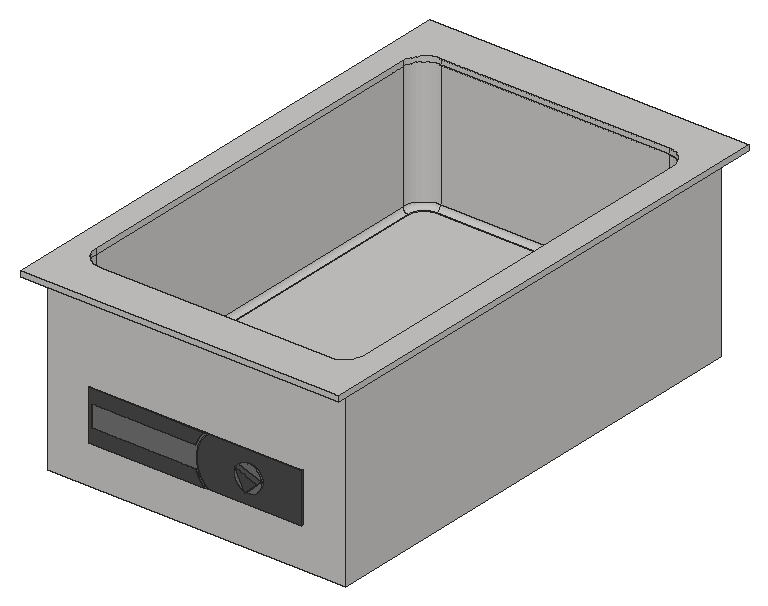
Revit family "QF_Vollrath_72001", category Specialty Equipment, Revit 2016
Family settings
  Part Type = Normal
  Round Connector Dimension = Use Diameter
  OmniClass Number = 23.40.40.14.14
  OmniClass Title = Food Preparation Equipment
  Work Plane-Based = No
  Always vertical = Yes
  Cut with Voids When Loaded = No
  Shared = No
  Room Calculation Point = No
Parameters
  Weight in Pounds = 85
  Watts = 1000 W
  Watermarked By = "http://revitwatermark.com"
  Volts = 120 V
  URL Cutsheet = ""
  URL = "www.vollrathco.com"
  Status [instance] = ""
  Specification by User [instance] = ""
  Specification by Manufacturer [instance] = ""
  Serial Number [instance] = ""
  Seismic Rating [instance] = ""
  SMACNA No [instance] = ""
  Revision Code [instance] = ""
  Phase = 1
  Number of Poles [instance] = 1
  NAFEM Spec ID Number [instance] = ""
  Model = "72001"
  Masterspec [instance] = ""
  Manufacturer = "Vollrath"
  Item Number [instance] = "-"
  Installed By [instance] = ""
  Height AFF [instance] = 2' - 0"
  Furnished By [instance] = ""
  Foodservice Equipment Identifier [instance] = yes
  FL Amps = 8.3 A
  Electrical Remarks [instance] = ""
  Electric Connection Type [instance] = ""
  Elec Conn RI Height [instance] = 0' - 0"
  Elec Conn Connection Height [instance] = if(Countertop Warmer, 0' 4", Height AFF - 0' 4")  # 1' - 8"
  Description = "Model 2001 Combination Warmer"
  Cycle = 60 Hz
  Countertop Warmer [instance] = no
  Conn Plug = "NEMA 5-15P"
  CSI MasterFormat = "11 42 00"
  Bottom [instance] = if(Countertop Warmer, 0' 0", 0' 8 3/8")  # 0' - 8 3/8"
  Assembly Code = "E1090320"
  Apparent Power = Volts * FL Amps  # 996 VA
Reference planes (in)
  plane 1 "BACK": y = 0
  plane 2: z = 0
  plane 3 "LEFT": x = -20
  plane 4 "RIGHT": x = -5.062
  plane 5 "FRONT": y = -24
  plane 6: x = -12.531
  plane 7: x = -18.875
  plane 8: x = -6.187
  plane 9: y = -2
  plane 10: y = -22
  plane 11: x = -17.531
  plane 12: x = -7.531
  plane 13 "Table Top": z = 24
  plane 14 "TOP": z = 24.375
  plane 15 "BOTTOM": z = 15.625
  plane 16: z = 15.75
  plane 17: z = 17.625
  plane 18: z = 19.9375
  plane 19 "Bottom of Well": z = 17.875
  plane 20: x = -19.531
  plane 21: x = -5.531
  plane 22: y = -1
  plane 23 "Front of Lower Cover": y = -23
Forms (in)
  Extrusion 1, solid, material "QF_Finishes_Stainless Steel"
    sketch origin (0, 0, 24.375) x (0, 1, 0) y (-1, 0, 0)
      loop
        line (0, 20) -> (-24, 20) -> (-24, 5.062) -> (0, 5.062) -> (0, 20)
      loop
        arc (-2, 17.875) -> (-2.29289, 18.58211) -> (-3, 18.875) r 1
        line (-3, 18.875) -> (-21, 18.875)
        arc (-21, 18.875) -> (-21.70711, 18.58211) -> (-22, 17.875) r 1
        line (-22, 17.875) -> (-22, 7.187)
        arc (-22, 7.187) -> (-21.70711, 6.47989) -> (-21, 6.187) r 1
        line (-21, 6.187) -> (-3, 6.187)
        arc (-3, 6.187) -> (-2.29289, 6.47989) -> (-2, 7.187) r 1
        line (-2, 7.187) -> (-2, 17.875)
    from 0 to -0.25
  Sweep 2, solid, material "QF_Finishes_Stainless Steel"
    path origin (0, 0, 24.375) x (0, 1, 0) y (-1, 0, 0)
      loop
        arc (-2, 17.875) -> (-2.29289, 18.58211) -> (-3, 18.875) r 1
        line (-3, 18.875) -> (-21, 18.875)
        arc (-21, 18.875) -> (-21.70711, 18.58211) -> (-22, 17.875) r 1
        line (-22, 17.875) -> (-22, 7.187)
        arc (-22, 7.187) -> (-21.70711, 6.47989) -> (-21, 6.187) r 1
        line (-21, 6.187) -> (-3, 6.187)
        arc (-3, 6.187) -> (-2.29289, 6.47989) -> (-2, 7.187) r 1
        line (-2, 7.187) -> (-2, 17.875)
    profile origin (-12.531, -2, 24.375) x (0, 1, 0) y (0, 0, 1)
      loop
        line (0, -0.25) -> (0, -6.125)
        arc (0, -6.125) -> (-0.07322, -6.30178) -> (-0.25, -6.375) r 0.25
        line (-0.25, -6.375) -> (-0.25, -6.5)
        arc (-0.25, -6.5) -> (0.01517, -6.39017) -> (0.125, -6.125) r 0.375
        line (0.125, -6.125) -> (0.125, -0.25) -> (0, -0.25)
  Extrusion 3, solid, material "QF_Finishes_Stainless Steel"
    sketch origin (0, 0, 17.875) x (0, 1, 0) y (-1, 0, 0)
      loop
        arc (-21, 18.625) -> (-21.53033, 18.40533) -> (-21.75, 17.875) r 0.75
        line (-21.75, 17.875) -> (-21.75, 7.187)
        arc (-21.75, 7.187) -> (-21.53033, 6.65667) -> (-21, 6.437) r 0.75
        line (-21, 6.437) -> (-3, 6.437)
        arc (-3, 6.437) -> (-2.46967, 6.65667) -> (-2.25, 7.187) r 0.75
        line (-2.25, 7.187) -> (-2.25, 17.875)
        arc (-2.25, 17.875) -> (-2.46967, 18.40533) -> (-3, 18.625) r 0.75
        line (-3, 18.625) -> (-21, 18.625)
    from 0 to 0.125
  Extrusion 4, solid, material "QF_Finishes_Stainless Steel"
    sketch origin (0, 0, 15.625) x (0, 1, 0) y (-1, 0, 0)
      loop
        line (-1, 19.531) -> (-23, 19.531) -> (-23, 5.531) -> (-1, 5.531) -> (-1, 19.531)
      loop
        line (-1.125, 19.406) -> (-22.875, 19.406) -> (-22.875, 5.656) -> (-1.125, 5.656) -> (-1.125, 19.406)
    from 0.125 to 8.5
  Extrusion 5, solid, material "QF_Finishes_Stainless Steel"
    sketch origin (0, 0, 15.625) x (0, 1, 0) y (-1, 0, 0)
      loop
        line (-1.125, 19.406) -> (-22.875, 19.406) -> (-22.875, 5.656) -> (-1.125, 5.656) -> (-1.125, 19.406)
    from 0.125 to 0.25
  Blend 6, solid, material "QF_Finishes_Stainless Steel", visible <- "Countertop Warmer"
    base sketch origin (-0.51112, 1.0186, 15.625) x (0, 1, 0) y (-1, 0, 0)
      loop
        line (-3.2686, 17.76988) -> (-3.7686, 17.76988) -> (-3.7686, 17.26988) -> (-3.2686, 17.26988) -> (-3.2686, 17.76988)
    top sketch origin (-0.51112, 1.0186, 15.625) x (0, 1, 0) y (-1, 0, 0)
      loop
        line (-3.0186, 18.01988) -> (-4.0186, 18.01988) -> (-4.0186, 17.01988) -> (-3.0186, 17.01988) -> (-3.0186, 18.01988)
    from 0 to 0.125
  Blend 7, solid, material "QF_Finishes_Stainless Steel", visible <- "Countertop Warmer"
    base sketch origin (-24.55088, 1.0186, 15.625) x (0, 1, 0) y (-1, 0, 0)
      loop
        line (-3.2686, -17.76988) -> (-3.2686, -17.26988) -> (-3.7686, -17.26988) -> (-3.7686, -17.76988) -> (-3.2686, -17.76988)
    top sketch origin (-24.55088, 1.0186, 15.625) x (0, 1, 0) y (-1, 0, 0)
      loop
        line (-3.0186, -18.01988) -> (-3.0186, -17.01988) -> (-4.0186, -17.01988) -> (-4.0186, -18.01988) -> (-3.0186, -18.01988)
    from 0 to 0.125
  Blend 8, solid, material "QF_Finishes_Stainless Steel", visible <- "Countertop Warmer"
    base sketch origin (-0.51112, -25.0186, 15.625) x (0, -1, 0) y (1, 0, 0)
      loop
        line (-3.2686, -17.76988) -> (-3.2686, -17.26988) -> (-3.7686, -17.26988) -> (-3.7686, -17.76988) -> (-3.2686, -17.76988)
    top sketch origin (-0.51112, -25.0186, 15.625) x (0, -1, 0) y (1, 0, 0)
      loop
        line (-3.0186, -18.01988) -> (-3.0186, -17.01988) -> (-4.0186, -17.01988) -> (-4.0186, -18.01988) -> (-3.0186, -18.01988)
    from 0 to 0.125
  Blend 9, solid, material "QF_Finishes_Stainless Steel", visible <- "Countertop Warmer"
    base sketch origin (-24.55088, -25.0186, 15.625) x (0, -1, 0) y (1, 0, 0)
      loop
        line (-3.2686, 17.76988) -> (-3.7686, 17.76988) -> (-3.7686, 17.26988) -> (-3.2686, 17.26988) -> (-3.2686, 17.76988)
    top sketch origin (-24.55088, -25.0186, 15.625) x (0, -1, 0) y (1, 0, 0)
      loop
        line (-3.0186, 18.01988) -> (-4.0186, 18.01988) -> (-4.0186, 17.01988) -> (-3.0186, 17.01988) -> (-3.0186, 18.01988)
    from 0 to 0.125
  Extrusion 10, solid, material "QF_Finishes_Black"
    sketch origin (0, -23, 0) x (-1, 0, 0) y (0, 0, 1)
      loop
        line (17.531, 19.9375) -> (12.13359, 19.9375)
        arc (12.13359, 19.9375) -> (12.37524, 19.6337) -> (12.53795, 19.28125) r 1.625
        line (12.53795, 19.28125) -> (17.406, 19.28125) -> (17.406, 18.28125) -> (12.53795, 18.28125)
        arc (12.53795, 18.28125) -> (12.37524, 17.9288) -> (12.13359, 17.625) r 1.625
        line (12.13359, 17.625) -> (17.531, 17.625) -> (17.531, 19.9375)
      loop
        line (7.531, 17.625) -> (11.94734, 17.625)
        arc (11.94734, 17.625) -> (12.49179, 18.78125) -> (11.94734, 19.9375) r 1.5
        line (11.94734, 19.9375) -> (7.531, 19.9375) -> (7.531, 17.625)
    from 0 to -0.0625
  Extrusion 11, solid, material "QF_Finishes_Dark Grey"
    sketch origin (0, -23, 0) x (-1, 0, 0) y (0, 0, 1)
      loop
        line (17.406, 19.28125) -> (12.53795, 19.28125)
        arc (12.53795, 19.28125) -> (12.37524, 19.6337) -> (12.13359, 19.9375) r 1.625
        line (12.13359, 19.9375) -> (11.94734, 19.9375)
        arc (11.94734, 19.9375) -> (12.49179, 18.78125) -> (11.94734, 17.625) r 1.5
        line (11.94734, 17.625) -> (12.13359, 17.625)
        arc (12.13359, 17.625) -> (12.37524, 17.9288) -> (12.53795, 18.28125) r 1.625
        line (12.53795, 18.28125) -> (17.406, 18.28125) -> (17.406, 19.28125)
    from 0 to -0.0625
  Extrusion 12, solid, material "QF_Finishes_Dark Grey"
    sketch origin (0, -23, 0) x (-1, 0, 0) y (0, 0, 1)
      loop
        circle (10.01139, 18.78125) r 0.625
    from 0 to -0.125
  Extrusion 13, solid, material "QF_Finishes_Black"
    sketch origin (0, -23, 0) x (-1, 0, 0) y (0, 0, 1)
      loop
        line (10.45333, 19.22319) -> (9.38877, 18.85178) -> (9.95692, 18.28363) -> (10.45333, 19.22319)
    from -0.125 to -0.375
Lines and regions (in)
  symbolic lines
    curve 1: line (-5.062, 0, 15.625) -> (-20, 0, 15.625)
    curve 2: line (-20, 0, 15.625) -> (-20, -24, 15.625)
    curve 3: line (-5.062, -24, 15.625) -> (-5.062, 0, 15.625)
    curve 4: line (-20, -24, 15.625) -> (-5.062, -24, 15.625)
    curve 5: arc (-17.875, -22, 15.625) -> (-18.58211, -21.70711, 15.625) -> (-18.875, -21, 15.625) r 1
    curve 6: line (-18.875, -21, 15.625) -> (-18.875, -3, 15.625)
    curve 7: line (-7.187, -22, 15.625) -> (-17.875, -22, 15.625)
    curve 8: arc (-6.187, -21, 15.625) -> (-6.47989, -21.70711, 15.625) -> (-7.187, -22, 15.625) r 1
    curve 9: line (-6.187, -3, 15.625) -> (-6.187, -21, 15.625)
    curve 10: arc (-7.187, -2, 15.625) -> (-6.47989, -2.29289, 15.625) -> (-6.187, -3, 15.625) r 1
    curve 11: line (-17.875, -2, 15.625) -> (-7.187, -2, 15.625)
    curve 12: arc (-18.875, -3, 15.625) -> (-18.58211, -2.29289, 15.625) -> (-17.875, -2, 15.625) r 1
Dimensions and locks (in)
  locked: plane 5 "FRONT" to plane 1 "BACK" at 24
  locked: plane 3 "LEFT" to plane 4 "RIGHT" at 14.938
  equal spacing: plane 3 "LEFT", plane 6, plane 4 "RIGHT"
  locked: plane 7 to plane 8 at 12.688
  locked: plane 1 "BACK" to plane 9 at 2
  locked: plane 10 to plane 5 "FRONT" at 2
  "Height AFF": plane 13 "Table Top" to level
  "Bottom": plane 13 "Table Top" to plane 15 "BOTTOM"
  plane 16 to plane 15 "BOTTOM" = 0' - 0 1/8"
  locked: plane 14 "TOP" to plane 16 at 8.625
  locked: plane 17 to plane 16 at 1.875
  locked: plane 18 to plane 17 at 2.3125
  locked: plane 14 "TOP" to plane 19 "Bottom of Well" at 6.5
  locked: plane 14 "TOP" to Sweep 2 sketch curve at 0.25
  locked: plane 20 to plane 21 at 14
  locked: plane 1 "BACK" to plane 22 at 1
  locked: plane 23 "Front of Lower Cover" to plane 5 "FRONT" at 1
  locked: plane 18 to Extrusion 12 sketch curve at 1.15625
  aligned and locked: level to plane 2
  aligned and locked: plane 1 "BACK" to Extrusion 1 sketch curve
  aligned and locked: plane 3 "LEFT" to Extrusion 1 sketch curve
  aligned and locked: Extrusion 1 sketch curve to plane 5 "FRONT"
  aligned and locked: Extrusion 1 sketch curve to plane 4 "RIGHT"
  aligned and locked: Extrusion 1 sketch curve to plane 9
  aligned and locked: plane 7 to Extrusion 1 sketch curve
  aligned and locked: plane 10 to Extrusion 1 sketch curve
  aligned and locked: Extrusion 1 sketch curve to plane 8
  aligned: plane 14 "TOP" to Extrusion 1
  aligned and locked: Sweep 2 sketch curve to plane 9
  aligned and locked: plane 7 to Sweep 2 sketch curve
  aligned and locked: plane 10 to Sweep 2 sketch curve
  aligned and locked: Sweep 2 sketch curve to plane 8
  aligned and locked: Extrusion 3 sketch curve to Sweep 2  (x4)
  aligned and locked: Extrusion 4 sketch curve to plane 22
  aligned and locked: plane 20 to Extrusion 4 sketch curve
  aligned and locked: plane 23 "Front of Lower Cover" to Extrusion 4 sketch curve
  aligned and locked: Extrusion 4 sketch curve to plane 21
  aligned and locked: Extrusion 5 sketch curve to Extrusion 4  (x4)
  aligned and locked: plane 18 to Extrusion 10 sketch curve
  aligned and locked: Extrusion 10 sketch curve to plane 11
  aligned and locked: Extrusion 10 sketch curve to plane 17
  aligned and locked: Extrusion 10 sketch curve to plane 12
  aligned and locked: Extrusion 11 sketch curve to Extrusion 10  (x3)
  aligned and locked: Extrusion 11 sketch curve to plane 18
  aligned and locked: plane 17 to Extrusion 11 sketch curve
  aligned and locked: Extrusion 4 to Extrusion 1
Automatic sketch dimensions
  plane 10 to Extrusion 1 sketch curve = 0' - 1"  (x2)
  Extrusion 1 sketch curve to Extrusion 1 sketch curve = 0' - 1"
  Extrusion 1 sketch curve to plane 9 = 0' - 1"
  Sweep 2 sketch curve to Sweep 2 sketch curve = 0' - 1"  (x2)
  plane 10 to Sweep 2 sketch curve = 0' - 1"
  Sweep 2 sketch curve to plane 9 = 0' - 1"
  Sweep 2 sketch curve to Sweep 2 sketch curve = 0' - 0"  (x2)
  Sweep 2 sketch curve to profile plane = 0' - 0"
  profile plane to Sweep 2 sketch curve = 0' - 0 1/4"
  Sweep 2 sketch curve to Sweep 2 sketch curve = 0' - 0 1/8"
  Sweep 2 sketch curve to Sweep 2 sketch curve = 0' - 5 7/8"
  plane 10 to Extrusion 3 sketch curve = 0' - 1"
  Extrusion 3 sketch curve to Extrusion 3 sketch curve = 0' - 0 3/4"  (x2)
  Extrusion 3 sketch curve to plane 9 = 0' - 1"
  plane 23 "Front of Lower Cover" to Extrusion 4 sketch curve = 0' - 0 1/8"
  Extrusion 4 sketch curve to plane 22 = 0' - 0 1/8"
  Extrusion 4 sketch curve to plane 21 = 0' - 0 1/8"
  plane 20 to Extrusion 4 sketch curve = 0' - 0 1/8"
  Blend 6 sketch curve to plane 9 = 0' - 0 3/4"
  Blend 6 sketch curve to plane 9 = 0' - 0 1/4"
  plane 7 to Blend 6 sketch curve = 0' - 1.094"
  Blend 6 sketch curve to Blend 6 sketch curve = 0' - 0 1/2"
  Blend 6 sketch curve to plane 9 = 0' - 0"
  Blend 6 sketch curve to plane 9 = 0' - 1"
  plane 7 to Blend 6 sketch curve = 0' - 1.344"
  plane 7 to Blend 6 sketch curve = 0' - 0.344"
  plane 9 to Blend 7 sketch curve = 0' - 0 3/4"
  plane 9 to Blend 7 sketch curve = 0' - 0 1/4"
  plane 8 to Blend 7 sketch curve = 0' - 1.094"
  Blend 7 sketch curve to Blend 7 sketch curve = 0' - 0 1/2"
  Blend 7 sketch curve to plane 9 = 0' - 0"
  plane 9 to Blend 7 sketch curve = 0' - 1"
  plane 8 to Blend 7 sketch curve = 0' - 1.344"
  plane 8 to Blend 7 sketch curve = 0' - 0.344"
  Blend 8 sketch curve to plane 10 = 0' - 0 3/4"
  Blend 8 sketch curve to plane 10 = 0' - 0 1/4"
  Blend 8 sketch curve to plane 7 = 0' - 1.094"
  Blend 8 sketch curve to Blend 8 sketch curve = 0' - 0 1/2"
  Blend 8 sketch curve to plane 10 = 0' - 0"
  Blend 8 sketch curve to Blend 8 sketch curve = 0' - 1"
  Blend 8 sketch curve to plane 7 = 0' - 1.344"
  Blend 8 sketch curve to plane 7 = 0' - 0.344"
  plane 10 to Blend 9 sketch curve = 0' - 0 3/4"
  plane 10 to Blend 9 sketch curve = 0' - 0 1/4"
  Blend 9 sketch curve to plane 8 = 0' - 1.094"
  Blend 9 sketch curve to Blend 9 sketch curve = 0' - 0 1/2"
  Blend 9 sketch curve to plane 10 = 0' - 0"
  Blend 9 sketch curve to Blend 9 sketch curve = 0' - 1"
  Blend 9 sketch curve to plane 8 = 0' - 1.344"
  Blend 9 sketch curve to plane 8 = 0' - 0.344"
  plane 6 to Extrusion 10 sketch curve = 0' - 0.58366"  (x2)
  Extrusion 10 sketch curve to Extrusion 10 sketch curve = 0' - 0.18625"
  Extrusion 10 sketch curve to plane 6 = 0' - 0.00695"  (x2)
  plane 11 to Extrusion 10 sketch curve = 0' - 0 1/8"
  Extrusion 10 sketch curve to plane 18 = 0' - 0 21/32"
  Extrusion 10 sketch curve to Extrusion 10 sketch curve = 0' - 0"  (x4)
  Extrusion 10 sketch curve to plane 18 = 0' - 0"
  Extrusion 10 sketch curve to Extrusion 10 sketch curve = 0' - 0.95556"
  Extrusion 10 sketch curve to plane 17 = 0' - 0"
  Extrusion 11 sketch curve to Extrusion 11 sketch curve = 0' - 0"  (x4)
  Extrusion 11 sketch curve to plane 6 = 0' - 0.00695"  (x2)
  plane 6 to Extrusion 11 sketch curve = 0' - 0.39741"  (x2)
  Extrusion 11 sketch curve to Extrusion 11 sketch curve = 0' - 0.18625"
  plane 12 to Extrusion 12 sketch curve = 0' - 2.48039"
  plane 12 to Extrusion 13 sketch curve = 0' - 1.85777"
  plane 19 "Bottom of Well" to Extrusion 13 sketch curve = 0' - 0.40863"
  Extrusion 13 sketch curve to Extrusion 13 sketch curve = 0' - 0.56815"  (x2)
  Extrusion 13 sketch curve to plane 18 = 0' - 0.71431"
  Extrusion 13 sketch curve to Extrusion 13 sketch curve = 0' - 0.49641"
  plane 5 "FRONT" to curve 4 = 0' - 0"
  curve 2 to plane 3 "LEFT" = 0' - 0"
  curve 7 to plane 10 = 0' - 0"
  curve 9 to plane 8 = 0' - 0"
  curve 5 to plane 7 = 0' - 0"
  curve 10 to plane 9 = 0' - 0"
  plane 1 "BACK" to curve 2 = 0' - 0"
  curve 4 to plane 4 "RIGHT" = 0' - 0"
  plane 10 to curve 9 = 0' - 1"
  plane 10 to curve 5 = 0' - 1"
  curve 9 to plane 9 = 0' - 1"
  curve 6 to plane 9 = 0' - 1"
  radius of Extrusion 12 sketch curve = 0' - 0 5/8"
Connectors (in)
  electrical at (-12.531, -1, 19.9375), driven by "Number of Poles", driven by "Volts", driven by "Apparent Power"
    settings: on Extrusion 4, index 1, voltage 120 V, apparent load 996 VA, apparent load phase1 0 VA, apparent load phase2 0 VA, apparent load phase3 0 VA, power factor 1, load classification "Other", number of poles 1, system type 30, power factor state 1, is connector primary yes, connector utility no, sub classification motor no, connector description "Electric"
